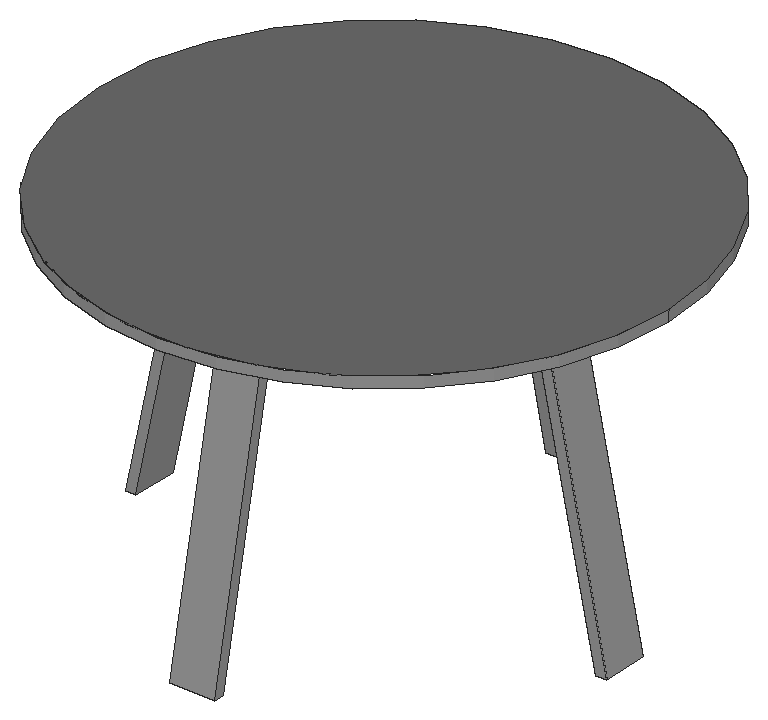
Revit family "Haworth_Cappellini_Bac_Table_Round_AP_PRELIMINARY", category Furniture, Revit 2018
Family settings
  OmniClass Number = 23.40.70.14.64.21
  OmniClass Title = Systems Furniture
  Work Plane-Based = No
  Always vertical = Yes
  Cut with Voids When Loaded = No
  Shared = No
  Room Calculation Point = No
Parameters (values of type "Round Table")
  Warranty = "http://www.haworth.com/resources/product-info/warranties"
  URL - Product = "https://www.haworth.com/ap/en/products/meeting-tables/bac-table.html"
  Top Finish [instance] = Haworth _ Linoleum _ Black E8-307
  Support Depth = 60.027 mm  # constant formula
  Radius = Actual Width / 2  # 625 mm
  Model = "BAC4"  # constant formula
  URL = "https://www.haworth.com/ap/en.html"
  Support Height = 110 mm  # constant formula
  Size = "Verify Final Dim. w/ Haworth"  # constant formula
  Revision Number = "4"  # constant formula
  Manufacturer = "Haworth"  # constant formula
  Leg Depth = 100.013 mm  # constant formula
  Description = "Haworth - Cappellini - Bac - Table - Round"  # constant formula
  Base Finish [instance] = Haworth _ Wood _ Undecided _ Tables
  Author = "Haworth (Hampton, Abd Rahman)"  # constant formula
  Assembly Code = "E2020200"
  Actual Width = 1250 mm  # constant formula
  Actual Height = 740 mm  # constant formula
  Table Thickness = 25 mm  # constant formula
  Actual Depth = Actual Width  # 1250 mm
Reference planes
  plane 1 "Center F/B": y = -4.03
  plane 2 "Floor": z = 0
  plane 3 "Center L/R": x = 0
  plane 4 "Table Edge Left": x = -625
  plane 5 "Table Edge Right": x = 625
  plane 6 "Table Edge Front": y = -629.03
  plane 7 "Table Edge Back": y = 620.97
  plane 8 "Table Top": z = 740
  plane 9 "masking region": z = 630
  plane 10 "Table Top Bottom": z = 715
  plane 11 "Leg Outside Back": y = 45.976
  plane 12 "Leg Outside Front": y = -54.036
  plane 13 "Leg Inside Back": y = 25.984
  plane 14 "Leg Inside Front": y = -34.044
  plane 15 "Leg Outside Left": x = -50.006
  plane 16 "Leg Outside Right": x = 50.006
  plane 17 "Leg Inside Left": x = -30.014
  plane 18 "Leg Inside Right": x = 30.014
Forms (mm)
  Extrusion 1, solid, material "Haworth _ Linoleum _ Black E8-307" <- "Top Finish"
    sketch origin (0, 0, 0) x (1, 0, 0) y (0, 1, 0)
      loop
        circle (0, -4.03) r 625
    from 715 to 740
  Extrusion 2, solid, material "Haworth _ Wood _ Undecided _ Tables" <- "Base Finish"
    sketch origin (0, -54.036, 0) x (-1, 0, 0) y (0, 0, -1)
      loop
        line (527.689, 0) -> (505.197, 0) -> (354.027, -715) -> (376.518, -715) -> (527.689, 0)
      loop
        line (-527.689, 0) -> (-376.518, -715) -> (-354.027, -715) -> (-505.197, 0) -> (-527.689, 0)
    from -100.005 to 0
  Extrusion 3, solid, material "Haworth _ Wood _ Undecided _ Tables" <- "Base Finish"
    sketch origin (0, -54.036, 0) x (-1, 0, 0) y (0, 0, -1)
      loop
        line (354.027, -715) -> (371.998, -630) -> (-371.998, -630) -> (-354.027, -715) -> (354.027, -715)
    from -80.02 to -19.993
  Extrusion 4, solid, material "Haworth _ Wood _ Undecided _ Tables" <- "Base Finish"
    sketch origin (0, 0, 0) x (0, 1, 0) y (0, 0, 1)
      loop
        line (-509.227, 0) -> (-358.057, 715) -> (-380.548, 715) -> (-531.719, 0) -> (-509.227, 0)
      loop
        line (501.167, 0) -> (523.659, 0) -> (372.489, 715) -> (349.997, 715) -> (501.167, 0)
    from -50.006 to 50.006
  Extrusion 5, solid, material "Haworth _ Wood _ Undecided _ Tables" <- "Base Finish"
    sketch origin (0, 0, 0) x (0, 1, 0) y (0, 0, 1)
      loop
        line (-373.314, 630) -> (-34.044, 630) -> (-34.044, 715) -> (-356.211, 715) -> (-373.314, 630)
      loop
        line (365.255, 630) -> (348.151, 715) -> (25.984, 715) -> (25.984, 630) -> (365.255, 630)
    from -30.014 to 30.014
Lines and regions (mm)
  Masking region 1
    outline origin (0, 0, 630) x (0, -1, 0) y (1, 0, 0)
      loop
        circle (4.03, 0) r 625
  reference lines
    curve 1: circle (0, -4.03, 0) r 625 normal (0, 0, 1)
  symbolic lines, detail levels fine
    curve 2: line (-527.689, 45.969, 0) -> (-354.027, 45.969, 0)
    curve 3: line (-527.689, -54.036, 0) -> (-527.689, 45.969, 0)
    curve 4: line (-354.027, -54.036, 0) -> (-527.689, -54.036, 0)
    curve 5: line (-354.027, 45.969, 0) -> (-354.027, -54.036, 0)
    curve 6: line (-50.006, 523.659, 0) -> (50.006, 523.659, 0)
    curve 7: line (-50.006, 349.997, 0) -> (-50.006, 523.659, 0)
    curve 8: line (50.006, 349.997, 0) -> (-50.006, 349.997, 0)
    curve 9: line (50.006, 523.659, 0) -> (50.006, 349.997, 0)
    curve 10: line (354.027, 45.969, 0) -> (527.689, 45.969, 0)
    curve 11: line (354.027, -54.036, 0) -> (354.027, 45.969, 0)
    curve 12: line (527.689, -54.036, 0) -> (354.027, -54.036, 0)
    curve 13: line (527.689, 45.969, 0) -> (527.689, -54.036, 0)
    curve 14: line (-50.006, -358.057, 0) -> (50.006, -358.057, 0)
    curve 15: line (-50.006, -531.719, 0) -> (-50.006, -358.057, 0)
    curve 16: line (50.006, -531.719, 0) -> (-50.006, -531.719, 0)
    curve 17: line (50.006, -358.057, 0) -> (50.006, -531.719, 0)
    curve 18: line (-30.014, 349.997, 0) -> (-30.014, -358.057, 0)
    curve 19: line (30.014, 349.997, 0) -> (30.014, -358.057, 0)
    curve 20: line (-354.027, 25.984, 0) -> (354.027, 25.984, 0)
    curve 21: line (-354.027, -34.044, 0) -> (354.027, -34.044, 0)
Dimensions and locks
  "Actual Depth": plane 7 "Table Edge Back" to plane 6 "Table Edge Front"
  "Actual Width": plane 4 "Table Edge Left" to plane 5 "Table Edge Right"
  equal spacing: plane 4 "Table Edge Left", plane 3 "Center L/R", plane 5 "Table Edge Right"
  equal spacing: plane 7 "Table Edge Back", plane 1 "Center F/B", plane 6 "Table Edge Front"
  "Actual Height": plane 8 "Table Top" to level
  "Support Height": plane 8 "Table Top" to plane 9 "masking region"
  "Table Thickness": plane 8 "Table Top" to plane 10 "Table Top Bottom"
  equal spacing: plane 12 "Leg Outside Front", plane 1 "Center F/B", plane 11 "Leg Outside Back"
  "Leg Depth": plane 12 "Leg Outside Front" to plane 11 "Leg Outside Back"
  equal spacing: plane 13 "Leg Inside Back", plane 1 "Center F/B", plane 14 "Leg Inside Front"
  "Support Depth": plane 13 "Leg Inside Back" to plane 14 "Leg Inside Front"
  equal spacing: plane 17 "Leg Inside Left", plane 3 "Center L/R", plane 18 "Leg Inside Right"
  "Support Depth": plane 17 "Leg Inside Left" to plane 18 "Leg Inside Right"
  equal spacing: plane 15 "Leg Outside Left", plane 3 "Center L/R", plane 16 "Leg Outside Right"
  "Leg Depth": plane 15 "Leg Outside Left" to plane 16 "Leg Outside Right"
  "Radius": radius of curve 1
  aligned and locked: Extrusion 1 sketch curve to curve 1
  aligned and locked: Extrusion 1 to plane 8 "Table Top"
  aligned and locked: Masking region 1 sketch curve to Extrusion 1
  aligned and locked: Extrusion 1 to plane 10 "Table Top Bottom"
  aligned and locked: plane 12 "Leg Outside Front" to Extrusion 2
  aligned and locked: plane 13 "Leg Inside Back" to Extrusion 3
  aligned and locked: plane 14 "Leg Inside Front" to Extrusion 3
  aligned and locked: Extrusion 4 to plane 15 "Leg Outside Left"
  aligned and locked: Extrusion 4 to plane 16 "Leg Outside Right"
  aligned: Extrusion 5 to plane 15 "Leg Outside Left"
  aligned and locked: Extrusion 5 to plane 18 "Leg Inside Right"
  aligned and locked: Extrusion 5 to plane 17 "Leg Inside Left"
  aligned and locked: curve 2 to Extrusion 2
  aligned and locked: curve 3 to Extrusion 2
  aligned and locked: curve 4 to Extrusion 2
  aligned and locked: curve 5 to Extrusion 2
  aligned and locked: curve 6 to Extrusion 4
  aligned and locked: curve 7 to Extrusion 4
  aligned and locked: curve 8 to Extrusion 4
  aligned and locked: curve 11 to Extrusion 2
  aligned and locked: curve 12 to plane 12 "Leg Outside Front"
  aligned and locked: curve 13 to Extrusion 2
  aligned and locked: curve 14 to Extrusion 4
  aligned and locked: curve 15 to Extrusion 4
  aligned and locked: curve 16 to Extrusion 4
  aligned and locked: curve 17 to Extrusion 4
Automatic sketch dimensions
  plane 1 "Center F/B" to curve 1 = 0 mm
  curve 1 to plane 3 "Center L/R" = 0 mm
  curve 18 to plane 17 "Leg Inside Left" = 0 mm
  curve 19 to plane 18 "Leg Inside Right" = 0 mm
  curve 9 to plane 16 "Leg Outside Right" = 0 mm
  plane 14 "Leg Inside Front" to curve 21 = 0 mm
  curve 20 to plane 13 "Leg Inside Back" = 0 mm
  curve 10 to plane 11 "Leg Outside Back" = 0.007 mm
  Extrusion 2 sketch curve to level = 0 mm  (x2)
  Extrusion 2 sketch curve to plane 10 "Table Top Bottom" = 0 mm  (x2)
  plane 5 "Table Edge Right" to Extrusion 2 sketch curve = 97.311 mm
  Extrusion 2 sketch curve to Extrusion 2 sketch curve = 22.491 mm  (x4)
  plane 5 "Table Edge Right" to Extrusion 2 sketch curve = 248.482 mm
  Extrusion 2 sketch curve to plane 4 "Table Edge Left" = 270.973 mm
  Extrusion 2 sketch curve to plane 4 "Table Edge Left" = 119.803 mm
  Extrusion 3 sketch curve to plane 9 "masking region" = 0 mm
  Extrusion 3 sketch curve to plane 10 "Table Top Bottom" = 0 mm
  plane 5 "Table Edge Right" to Extrusion 3 sketch curve = 253.002 mm
  Extrusion 3 sketch curve to Extrusion 3 sketch curve = 17.971 mm  (x2)
  Extrusion 3 sketch curve to plane 4 "Table Edge Left" = 270.973 mm
  Extrusion 4 sketch curve to level = 0 mm  (x2)
  Extrusion 4 sketch curve to plane 10 "Table Top Bottom" = 0 mm  (x2)
  plane 6 "Table Edge Front" to Extrusion 4 sketch curve = 97.311 mm
  Extrusion 4 sketch curve to Extrusion 4 sketch curve = 22.491 mm  (x4)
  plane 6 "Table Edge Front" to Extrusion 4 sketch curve = 248.482 mm
  Extrusion 4 sketch curve to plane 7 "Table Edge Back" = 270.973 mm
  Extrusion 4 sketch curve to plane 7 "Table Edge Back" = 119.803 mm
  plane 9 "masking region" to Extrusion 5 sketch curve = 0 mm  (x2)
  Extrusion 5 sketch curve to plane 10 "Table Top Bottom" = 0 mm  (x2)
  Extrusion 5 sketch curve to plane 14 "Leg Inside Front" = 0 mm
  Extrusion 5 sketch curve to plane 13 "Leg Inside Back" = 0 mm
  plane 6 "Table Edge Front" to Extrusion 5 sketch curve = 272.819 mm
  Extrusion 5 sketch curve to Extrusion 5 sketch curve = 17.104 mm  (x2)
  Extrusion 5 sketch curve to plane 7 "Table Edge Back" = 272.819 mm
